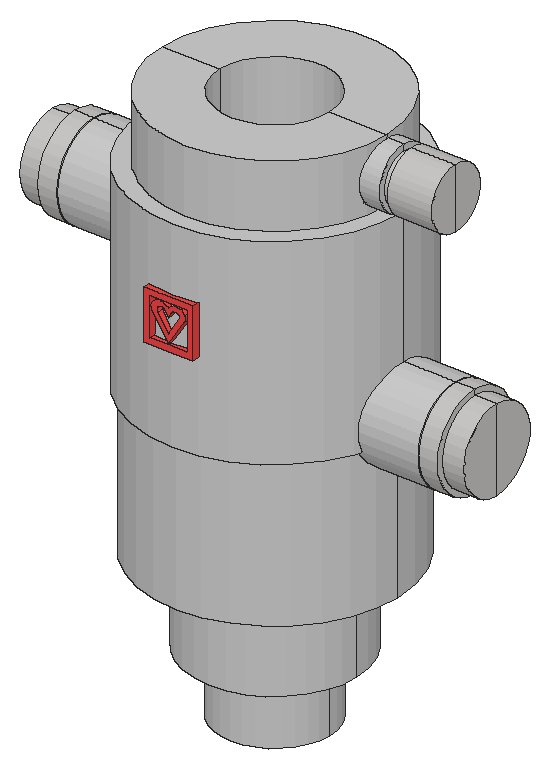
Revit family "HERZ System Seperator 0302", category Rohrzubehör, Revit 2021
Family settings
  Bemaßung runder Anschluss = Durchmesser verwenden
  Teiletyp = Unterbricht
  OmniClass-Nummer = 23.65.55.14
  OmniClass-Titel = Valves for Liquid Services
  Arbeitsebenenbasiert = Nein
  Immer vertikal = Ja
  Beim Laden mit Abzugskörper schneiden = Nein
  Gemeinsam genutzt = Nein
Parameters (values of type "DN15 (3/4"-3/4")")
  Vorgabe-Ansicht = 0.00 mm
  Model = "The system separator of type BA has been developed according to the standard DIN EN 1717.\r\nAccording to this standard, the water quality is divided up into 5 classes depending on the degree of contamination.\r\nSystem separators of type BA provide protection against non-drinking water up to hazard class 4.\r\nThis is the highest hazard class that may be safeguarded with a valve.\r\nSystem separator complete with safety screw to prevent manipulation, screen against contaminant ingress.\r\nThis filter disc must be inserted correctly in the fitting, so that it is possible to guarantee the function.\r\nSet the seal on top.\r\nThe installation of a dirt trap upstream of the system separator helps to guarantee constant and faultless function.\r\nIt is only possible to fit the system separator vertically.\r\nThe Herz system separator is frost-proof."
  Max. permissible temperature (short-term) = 80 °C  # constant formula
  Max. operating temperature = 65 °C  # constant formula
  Max. operating pressure = 1000000.0 Pa  # constant formula
  URL = "www.herzvalves.com"
  System separator cartridge = "high quality, lime-repellent plastic."  # constant formula
  SCTWSEQ = "AW;SBT_TYP_AW=\"104\";2"
  SCTWCODE = "04;12;02"  # constant formula
  S03 = 29.00 mm  # constant formula
  S02 = 53.00 mm  # constant formula
  S01 = 13.00 mm  # constant formula
  NennweiteEin [instance] = if([20_20], 20.00 mm, if([25_20], 25.00 mm, if([25_25], 25.00 mm, 0.00 mm)))  # 20.00 mm
  NennweiteAus [instance] = if([20_20], 20.00 mm, if([25_20], 20.00 mm, if([25_25], 25.00 mm, 0.00 mm)))  # 20.00 mm
  Medium = "water (without steam)"  # constant formula
  LO01 = 70.00 mm  # constant formula
  Installation position = "vertical"  # constant formula
  IG (ein) [instance] = NennweiteEin / 2  # 10.00 mm
  Note = "Pursuant to Article 33 of the REACH Regulation (EC No. 1907/2006), we are obliged to point out that the material lead is listed on the SVHC list and that all brass components manufactured in our products exceed 0.1% (w / w) lead (CAS: 7439-92-1 / EINECS: 231-100-4).\r\nSince lead is a component part of an alloy, actual exposure is not possible and therefore no additional information on safe use is necessary."
  Hersteller = "HERZ Armaturen Ges.m.b.H."  # constant formula
  H09 = 7.50 mm  # constant formula
  H08 = 24.50 mm  # constant formula
  H07 = 8.50 mm  # constant formula
  H06 = 57.50 mm  # constant formula
  H05 = 6.00 mm  # constant formula
  H04 = 11.50 mm  # constant formula
  H03 = 54.00 mm  # constant formula
  H02 = 27.00 mm  # constant formula
  H01 = 102.00 mm  # constant formula
  GT (IG) [instance] = if([20_20], 11.30 mm, if([25_20], 12.50 mm, if([25_25], 12.50 mm, 0.00 mm)))  # 11.30 mm
  GT (AG) [instance] = if([20_20], 11.30 mm, if([25_20], 12.50 mm, if([25_25], 12.50 mm, 0.00 mm)))  # 11.30 mm
  Seals = "EPDM"  # constant formula
  D10 = 4.00 mm  # constant formula
  D09 = 40.50 mm  # constant formula
  D08 = 4.50 mm  # constant formula
  D07 = 5.50 mm  # constant formula
  D06 = 33.00 mm  # constant formula
  D05 [instance] = (NennweiteEin / 2) + 1.00 mm  # 11.00 mm
  D04 = 15.00 mm  # constant formula
  D03 = 22.50 mm  # constant formula
  D02 = 23.50 mm  # constant formula
  D01 = 20.50 mm  # constant formula
  Body = "pressed brass (CW617N), chrome-plated."  # constant formula
  Part number = if([20_20], "I030202", if([25_20], "I030203", if([25_25], "I030213", "0")))  # "I030202"
  Application = "The system separator is designed for retrospective mounting on a take-off fitting with hose connection.\r\nThanks to its compact design, this system separator bridges gaps in all areas where a connection with the waste water is required."
  AG (aus) [instance] = NennweiteAus / 2  # 10.00 mm
  25_25 = no
  25_20 = no
  20_20 = yes
Types (4, lengths in mm): name | NennweiteEin | NennweiteAus | IG (ein) | GT (IG) | GT (AG) | D05 | Part number | AG (aus) | 25_25 | 25_20 | 20_20
  (no name) | 20.00 | 20.00 | 10.00 | 11.30 | 11.30 | 11.00 | "I030202" | 10.00 | no | no | yes
  DN15 (3/4"-3/4") | 20.00 | 20.00 | 10.00 | 11.30 | 11.30 | 11.00 | "I030202" | 10.00 | no | no | yes
  DN20 (1"-3/4") | 25.00 | 20.00 | 12.50 | 12.50 | 12.50 | 13.50 | "I030203" | 10.00 | no | yes | no
  DN20 (1"-1") | 25.00 | 25.00 | 12.50 | 12.50 | 12.50 | 13.50 | "I030213" | 12.50 | yes | no | no
Reference planes
  plane 1 "Mitte (Vorne/hinten)": y = 0
  plane 2: z = 0
  plane 3 "Mitte (Links/rechts)": x = 0
Forms (mm)
  Revolve 1, solid, material "Messing, vernickelt", detail levels fine
    sketch origin (0, 0, 0) x (1, 0, 0) y (0, 0, 1)
      loop
        line (0, 0) -> (0, 90.7) -> (-10, 90.7) -> (-10, 102) -> (-20.5, 102) -> (-20.5, 90.5) -> (-23.5, 90.5) -> (-23.5, 54) -> (-22.5, 54) -> (-22.5, 27) -> (-15, 27) -> (-15, 11.3) -> (-10, 11.3) -> (-10, 0) -> (0, 0)
      axis (0, 102) -> (0, 0)
    angle from 0 to 360
  Revolve 2, solid, material "Messing, vernickelt", detail levels fine
    sketch origin (0, 0, 0) x (1, 0, 0) y (0, 0, 1)
      loop
        line (11, 101.5) -> (11, 96) -> (23.5, 96) -> (23.5, 101.5) -> (11, 101.5)
      axis (11, 96) -> (23.5, 96)
    angle from 0 to 360
  Revolve 3, solid, material "Messing, vernickelt", detail levels fine
    sketch origin (0, 0, 0) x (1, 0, 0) y (0, 0, 1)
      loop
        line (0, 66) -> (0, 57.5) -> (33, 57.5) -> (33, 66) -> (0, 66)
      axis (33, 57.5) -> (0, 57.5)
    angle from 0 to 360
  Revolve 4, solid, material "Messing, vernickelt", detail levels fine
    sketch origin (0, 0, 0) x (1, 0, 0) y (0, 0, 1)
      loop
        line (0, 77.5) -> (0, 86) -> (-33, 86) -> (-33, 77.5) -> (0, 77.5)
      axis (-33, 77.5) -> (0, 77.5)
    angle from 0 to 360
  Revolve 5, solid, material "Edelstahl", detail levels fine
    sketch origin (0, 0, 0) x (1, 0, 0) y (0, 0, 1)
      loop
        line (23.5, 96) -> (33, 96) -> (33, 101.5) -> (25, 101.5) -> (25, 100.5) -> (23.5, 100.5) -> (23.5, 96)
      axis (23.5, 96) -> (33, 96)
    angle from 0 to 360
  Revolve 6, solid, material "Edelstahl", detail levels fine
    sketch origin (0, 0, 0) x (1, 0, 0) y (0, 0, 1)
      loop
        line (33, 57.5) -> (40.5, 57.5) -> (40.5, 65) -> (36.5, 65) -> (36.5, 66) -> (33, 66) -> (33, 57.5)
      axis (33, 57.5) -> (40.5, 57.5)
    angle from 0 to 360
  Revolve 7, solid, material "Edelstahl", detail levels fine
    sketch origin (0, 0, 20) x (-1, 0, 0) y (0, 0, 1)
      loop
        line (33, 57.5) -> (40.5, 57.5) -> (40.5, 65) -> (36.5, 65) -> (36.5, 66) -> (33, 66) -> (33, 57.5)
      axis (33, 57.5) -> (40.5, 57.5)
    angle from 0 to 360
Lines and regions (mm)
  model lines, detail levels coarse+medium
    curve 1: line (-23.5, 0, 102) -> (23.5, 0, 102)
    curve 2: line (-23.5, 0, 0) -> (-23.5, 0, 102)
    curve 3: line (23.5, 0, 0) -> (-23.5, 0, 0)
    curve 4: line (23.5, 0, 102) -> (23.5, 0, 0)
    curve 5: line (-10.5, 0, 102) -> (-10.5, 0, 49)
    curve 6: line (-10.5, 0, 29) -> (-10.5, 0, 0)
    curve 7: line (10.5, 0, 102) -> (10.5, 0, 49)
    curve 8: line (10.5, 0, 29) -> (10.5, 0, 0)
    curve 9: line (0, 23.5, 102) -> (0, -23.5, 102)
    curve 10: line (0, 23.5, 0) -> (0, 23.5, 102)
    curve 11: line (0, -23.5, 0) -> (0, 23.5, 0)
    curve 12: line (0, -23.5, 102) -> (0, -23.5, 0)
    curve 13: line (0, 10.5, 102) -> (0, 10.5, 49)
    curve 14: line (0, 10.5, 29) -> (0, 10.5, 0)
    curve 15: line (0, -10.5, 102) -> (0, -10.5, 49)
    curve 16: line (0, -10.5, 29) -> (0, -10.5, 0)
Dimensions and locks
  "H01": Revolve 1 sketch curve to plane 2
  "IG (ein)": Revolve 1 sketch curve to plane 3 "Mitte (Links/rechts)"
  "AG (aus)": Revolve 1 sketch curve to plane 3 "Mitte (Links/rechts)"
  "GT (IG)": Revolve 1 sketch curve to Revolve 1 sketch curve
  "GT (AG)": Revolve 1 sketch curve to Revolve 1 sketch curve
  "D01": Revolve 1 sketch curve to plane 3 "Mitte (Links/rechts)"
  "D02": plane 3 "Mitte (Links/rechts)" to Revolve 1 sketch curve
  "D03": Revolve 1 sketch curve to plane 3 "Mitte (Links/rechts)"
  "D04": Revolve 1 sketch curve to plane 3 "Mitte (Links/rechts)"
  "H02": Revolve 1 sketch curve to plane 2
  "H03": Revolve 1 sketch curve to plane 2
  "H04": Revolve 1 sketch curve to Revolve 1 sketch curve
  "H05": Revolve 1 to Revolve 2 sketch curve
  "D02": Revolve 2 sketch curve to plane 3 "Mitte (Links/rechts)"
  "D05": Revolve 2 sketch curve to plane 3 "Mitte (Links/rechts)"
  "H06": Revolve 3 sketch curve to plane 2
  "H07": Revolve 3 sketch curve to Revolve 3 sketch curve
  "D06": Revolve 3 sketch curve to plane 3 "Mitte (Links/rechts)"
  "D06": plane 3 "Mitte (Links/rechts)" to Revolve 4 sketch curve
  "H07": Revolve 4 sketch curve to Revolve 4 sketch curve
  "H08": Revolve 1 to Revolve 4 sketch curve
  "D06": Revolve 5 sketch curve to plane 3 "Mitte (Links/rechts)"
  Revolve 5 sketch curve to Revolve 5 sketch curve = 1.50 mm
  "D02": Revolve 5 sketch curve to plane 3 "Mitte (Links/rechts)"
  "D07": Revolve 5 sketch curve to Revolve 5 sketch curve
  "H05": Revolve 1 to Revolve 5 sketch curve
  "D07": Revolve 2 sketch curve to Revolve 2 sketch curve
  "D08": Revolve 5 sketch curve to Revolve 5 sketch curve
  "D06": plane 3 "Mitte (Links/rechts)" to Revolve 6 sketch curve
  "D09": Revolve 6 sketch curve to plane 3 "Mitte (Links/rechts)"
  "D10": Revolve 6 sketch curve to Revolve 6 sketch curve
  "H07": Revolve 6 sketch curve to Revolve 6 sketch curve
  "H09": Revolve 6 sketch curve to Revolve 6 sketch curve
  "D10": Revolve 7 sketch curve to Revolve 7 sketch curve
  "H07": Revolve 7 sketch curve to Revolve 7 sketch curve
  "H09": Revolve 7 sketch curve to Revolve 7 sketch curve
  "H08": Revolve 1 to Revolve 7 sketch curve
  "D06": plane 3 "Mitte (Links/rechts)" to Revolve 7 sketch curve
  "D09": plane 3 "Mitte (Links/rechts)" to Revolve 7 sketch curve
  "D02": nested 1 to plane 1 "Mitte (Vorne/hinten)"
  "LO01": nested 1 to plane 2
  "H01": curve 1 to plane 2
  "D02": curve 4 to plane 3 "Mitte (Links/rechts)" to curve 2
  "S01": curve 2 to curve 5
  "S01": curve 7 to curve 4
  "S01": curve 6 to curve 2
  "S01": curve 8 to curve 4
  "S02": curve 1 to curve 7
  "S02": curve 1 to curve 5
  "S03": curve 8 to curve 3
  "S03": curve 6 to curve 3
  "H01": curve 9 to plane 2
  "S03": curve 16 to plane 2
  "S02": curve 15 to curve 9
  "S01": curve 15 to curve 12
  "S01": curve 10 to curve 13
  "D02": curve 10 to plane 1 "Mitte (Vorne/hinten)" to curve 12
  "S01": curve 10 to curve 14
  "S01": curve 16 to curve 12
  "S03": curve 14 to plane 2
  "S02": curve 13 to curve 9
  aligned and locked: level to plane 2
Automatic sketch dimensions
  curve 16 to level = 0.00 mm
  curve 8 to level = 0.00 mm
  Revolve 1 sketch curve to plane 3 "Mitte (Links/rechts)" = 0.00 mm  (x2)
  Revolve 1 sketch curve to level = 0.00 mm
  Revolve 1 sketch curve to level = 366.045 mm
  Revolve 1 sketch curve to Revolve 1 sketch curve = 2112.315 mm
  Revolve 2 sketch curve to Revolve 2 sketch curve = 0.00 mm  (x3)
  Revolve 3 sketch curve to plane 3 "Mitte (Links/rechts)" = 0.00 mm  (x2)
  Revolve 3 sketch curve to Revolve 3 sketch curve = 0.00 mm  (x2)
  Revolve 4 sketch curve to plane 3 "Mitte (Links/rechts)" = 0.00 mm  (x2)
  Revolve 4 sketch curve to Revolve 4 sketch curve = 0.00 mm  (x2)
  Revolve 5 sketch curve to Revolve 5 sketch curve = 0.00 mm  (x3)
  level to Revolve 6 sketch curve = 57.50 mm
  Revolve 6 sketch curve to Revolve 6 sketch curve = 0.00 mm  (x3)
  Revolve 7 sketch curve to Revolve 7 sketch curve = 0.00 mm  (x3)
Nested families
  nested 1: "Herz-Logo-vorne" at (0, -23.5, 74.5) x (0, 1, 0) z (0, 0, 1), type "Herz-Logo-vorne", detail levels fine
Connectors
  piping at (0, 0, 90.7), diameter 20, driven by "NennweiteEin"
    settings: on Revolve 1, index 1, connector inside diameter 609.6 mm, connector length 0.00 mm, flow factor 0, pipe flow 0.0 L/s, pressure drop 0.0 Pa, fitting loss kfactor 0, connector angle 0.00°, fixture units 0, engagement length 0.00 mm, angle of deflection 0.00°, flow configuration 0, flow direction 1, fitting loss method 0, system type 29, joint type 0, gender type 0, connector reference index -1, connector utility 0, adjustable connector no, is connector primary yes, connector description ""
  piping at (0, 0, 0), diameter 20, driven by "NennweiteAus"
    settings: on Revolve 1, index 2, connector inside diameter 609.6 mm, connector length 0.00 mm, flow factor 0, pipe flow 0.0 L/s, pressure drop 0.0 Pa, fitting loss kfactor 0, connector angle 0.00°, fixture units 0, engagement length 0.00 mm, angle of deflection 0.00°, flow configuration 0, flow direction 2, fitting loss method 0, system type 29, joint type 0, gender type 0, connector reference index -1, connector utility 0, adjustable connector no, is connector primary no, connector description ""
Definition of nested family "Herz-Logo-vorne"
  Parameters (values of type "Herz-Logo-vorne")
    Default Elevation = 0.00 mm
  Reference planes
    plane 1 "Mitte (Vorne/hinten)": y = 0
    plane 2: z = 0
    plane 3 "Mitte (Links/rechts)": x = 0
  Forms (mm)
    Extrusion 1, solid
      sketch origin (0.732, -0.018, 0.017) x (0, -1, 0) y (0, 0, 1)
        loop
          line (-0.018, -4.517) -> (4.482, -4.517) -> (4.482, 4.483) -> (-4.518, 4.483) -> (-4.518, -4.517) -> (-0.018, -4.517)
        loop
          line (-0.05, -3.48) -> (3.482, -3.48) -> (3.482, 3.483) -> (-3.518, 3.483) -> (-3.518, -3.48) -> (-0.05, -3.48)
        loop
          arc (-0.018, 2.383) -> (-1.543, 3.287) -> (-3.067, 2.383) r 1.738
          arc (-3.067, 2.383) -> (-3.191, 1.899) -> (-3.067, 1.415) r 1.009
          line (-3.067, 1.415) -> (-0.018, -3.281) -> (3.032, 1.415)
          arc (3.032, 1.415) -> (3.156, 1.899) -> (3.032, 2.383) r 1.009
          arc (3.032, 2.383) -> (1.507, 3.287) -> (-0.018, 2.383) r 1.738
        loop
          arc (1.885, 1.272) -> (2.005, 1.675) -> (1.885, 2.079) r 0.74
          arc (1.885, 2.079) -> (1.265, 2.416) -> (0.644, 2.079) r 0.74
          line (0.644, 2.079) -> (-0.018, 0.97) -> (-0.679, 2.079)
          arc (-0.679, 2.079) -> (-1.3, 2.416) -> (-1.921, 2.079) r 0.74
          arc (-1.921, 2.079) -> (-2.04, 1.675) -> (-1.921, 1.272) r 0.74
          line (-1.921, 1.272) -> (-0.018, -1.658) -> (1.885, 1.272)
      from 0 to 1.5
  Dimensions and locks
    aligned and locked: level to plane 2
